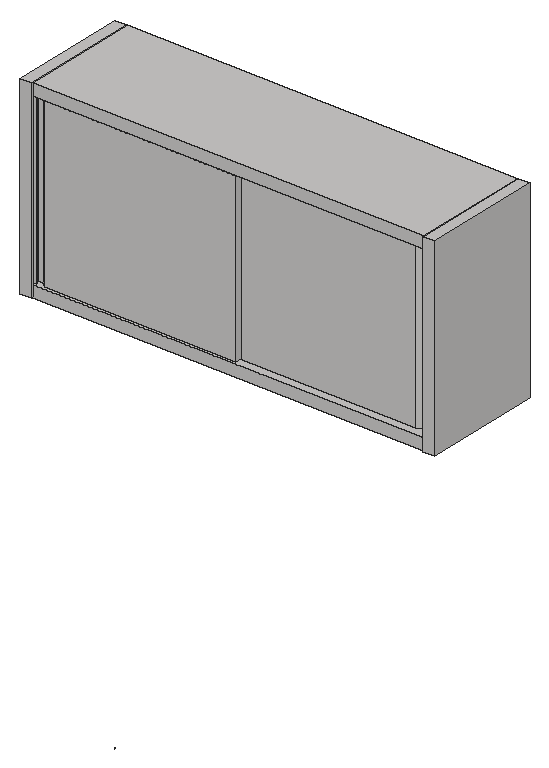
Revit family "QF_ZANUSSI_132923_SPS14LCN", category Attrezzature speciali, Revit 2020
Family settings
  Quota connettore circolare = Usa diametro
  Tipo di parte = Normale
  Basato su piano di lavoro = No
  Sempre verticale = No
  Taglio con vuoti quando caricato = No
  Condiviso = No
  Punto di calcolo locali = No
Parameters (values of type "Standard")
  Weight = 31.00 kg
  Watts = 0 W
  Volts = 0 V
  URL Manufacturer = "http://www.zanussiprofessional.com"
  URL = "http://www.zanussiprofessional.com"
  Steam Supply Size = 0 mm
  Steam Supply Minimum Pressure = 0.0 Pa
  Steam Supply Maximum Pressure = 0.0 Pa
  Steam Consumption per Hour = 0
  Refrigeration Suction Line Size = 0.0 mm
  Refrigeration Liquid Line Size = 0.0 mm
  Refrigerant Compressor Remote = yes
  Prospetto di default = 0.0 mm
  Phase = 0
  Modello = "SPS14LCN"
  Produttore = "Zanussi"
  Length Actual = 1400.0 mm  # constant formula
  Item Number = "132923"
  Hot Water Size = 0 mm
  Height Actual = 650.0 mm  # constant formula
  HP = "0 HP"
  Gas Size = 0 mm
  Gas KW = 0
  Gas Input Pressure = 0 W
  Direct Waste Size = 0 mm
  Descrizione = "WALL CUPBOARD W/2 SLIDING DOORS 1400MM"
  Depth Actual = 400.0 mm  # constant formula
  Cycle = 0 Hz
  Condensate Return Size = 0 mm
  Compressed Air Volume = 0.0 L/s
  Compressed Air Size = 0 mm
  Compressed Air Pressure = 0.0 Pa
  Cold Water Size = 0 mm
  Accessory = yes
Reference planes
  plane 1 "Center (Front/Back)": y = 0
  plane 2: z = 0
  plane 3 "Center (Left/Right)": x = -300
  plane 4 "LEFT": x = -1000
  plane 5 "RIGHT": x = 400
  plane 6 "BACK": y = 200
  plane 7 "FRONT": y = -200
  plane 8 "Base": z = 2200
  plane 9 "BASE": z = 1550
  plane 10: x = -960
  plane 11: x = 360
  plane 12: y = -197
  plane 13: y = 150
Forms (mm)
  Extrusion 1, solid, material "QF_Finishes_Stainless Steel"
    sketch origin (0, 0, 1550) x (-1, 0, 0) y (0, -1, 0)
      loop
        line (1000, -200) -> (1000, 200) -> (960, 200) -> (960, -200) -> (1000, -200)
      loop
        line (-360, -200) -> (-360, 200) -> (-400, 200) -> (-400, -200) -> (-360, -200)
    from 0 to 650
  Extrusion 2, solid, material "QF_Finishes_Stainless Steel"
    sketch origin (0, 0, 1550) x (-1, 0, 0) y (0, -1, 0)
      loop
        line (960, -150) -> (960, 197) -> (-360, 197) -> (-360, -150) -> (960, -150)
    from 0 to 40
  Extrusion 3, solid, material "QF_Finishes_Stainless Steel"
    sketch origin (0, 0, 0) x (1, 0, 0) y (0, 1, 0)
      loop
        line (-960, -197) -> (360, -197) -> (360, 200) -> (-960, 200) -> (-960, -197)
    from 2160 to 2200
  Extrusion 4, solid, material "QF_Finishes_Stainless Steel"
    sketch origin (0, 0, 1550) x (-1, 0, 0) y (0, -1, 0)
      loop
        line (960, -200) -> (960, -150) -> (-360, -150) -> (-360, -200) -> (960, -200)
    from 610 to 0
  Extrusion 5, solid, material "QF_Finishes_Stainless Steel"
    sketch origin (0, 0, 0) x (1, 0, 0) y (0, 1, 0)
      loop
        line (-273.481, -197) -> (-273.481, -177) -> (-957, -177) -> (-957, -197) -> (-947, -197) -> (-947, -194) -> (-954, -194) -> (-954, -182) -> (-937, -182) -> (-917, -197) -> (-273.481, -197)
    from 1597 to 2160
  Extrusion 6, solid, material "QF_Finishes_Stainless Steel"
    sketch origin (0, 0, 0) x (1, 0, 0) y (0, 1, 0)
      loop
        line (-326.5, -177) -> (317, -177) -> (337, -162) -> (354, -162) -> (354, -174) -> (347, -174) -> (347, -177) -> (357, -177) -> (357, -157) -> (-326.5, -157) -> (-326.5, -177)
    from 2160 to 1597
  Extrusion 7, solid, material "QF_Finishes_Stainless Steel"
    sketch origin (0, 0, 0) x (1, 0, 0) y (0, 1, 0)
      loop
        line (-1000, 200) -> (-1000, 199) -> (-999, 199) -> (-999, 200) -> (-1000, 200)
    from 0 to 1
Lines and regions (mm)
  symbolic lines, style "SpecialityEquipment"
    curve 1: line (400, 200, 0) -> (-1000, 200, 0)
    curve 2: line (400, -200, 0) -> (400, 200, 0)
    curve 3: line (-1000, -204.5, 0) -> (-1000, 200, 0)
    curve 4: line (-1000, -200, 0) -> (-962, -200, 0)
    curve 5: line (362, -200, 0) -> (400, -200, 0)
    curve 7: line (362, -197, 0) -> (-962, -197, 0)
    curve 12: line (-914.985, -211.008, 0) -> (-914.038, -209.239, 0)
  symbolic lines, style "SpecialityEquipmentHiddenLines"
    curve 6: line (362, -200, 0) -> (362, -197, 0)
    curve 8: line (-962, -197, 0) -> (-962, -200, 0)
    curve 9: line (360, -157, 0) -> (-326.5, -157, 0)
    curve 10: line (-326.5, -157, 0) -> (-326.5, -177, 0)
    curve 11: line (317, -177, 0) -> (-957, -177, 0)
    curve 13: line (-273.5, -177, 0) -> (-273.5, -197, 0)
    curve 14: line (-957, -177, 0) -> (-957, -182, 0)
    curve 15: line (-937, -182, 0) -> (-954, -182, 0)
  symbolic lines
    curve 16: line (-1000, 200, 0) -> (400, -200, 0)
    curve 17: line (400, 200, 0) -> (-1000, -200, 0)
    curve 18: line (-937, -182, 0) -> (-917, -197, 0)
    curve 19: line (-954, -182, 0) -> (-954, -194, 0)
    curve 20: line (-954, -194, 0) -> (-947, -194, 0)
    curve 21: line (-947, -194, 0) -> (-947, -197, 0)
    curve 22: line (357, -157, 0) -> (357, -177, 0)
    curve 23: line (357, -177, 0) -> (347, -177, 0)
    curve 24: line (347, -177, 0) -> (347, -174, 0)
    curve 25: line (347, -174, 0) -> (354, -174, 0)
    curve 26: line (354, -174, 0) -> (354, -162, 0)
    curve 27: line (354, -162, 0) -> (337, -162, 0)
    curve 28: line (317, -177, 0) -> (337, -162, 0)
Dimensions and locks
  plane 4 "LEFT" to plane 5 "RIGHT" = 1400.0 mm
  equal spacing: plane 4 "LEFT", plane 3 "Center (Left/Right)", plane 5 "RIGHT"
  plane 6 "BACK" to plane 7 "FRONT" = 400.0 mm
  equal spacing: plane 6 "BACK", plane 1 "Center (Front/Back)", plane 7 "FRONT"
  plane 9 "BASE" to level = 1550.0 mm
  locked: plane 4 "LEFT" to plane 10 at 40
  locked: plane 11 to plane 5 "RIGHT" at 40
  plane 12 to plane 7 "FRONT" = 3.0 mm
  plane 6 "BACK" to plane 13 = 50.0 mm
  locked: plane 8 "Base" to plane 9 "BASE" at 650
  aligned and locked: level to plane 2
  aligned and locked: plane 8 "Base" to Extrusion 1
  aligned and locked: plane 6 "BACK" to Extrusion 1 sketch curve
  aligned and locked: Extrusion 1 sketch curve to plane 6 "BACK"
  aligned and locked: plane 7 "FRONT" to Extrusion 1 sketch curve
  aligned and locked: Extrusion 1 sketch curve to plane 7 "FRONT"
  aligned and locked: plane 10 to Extrusion 1
  aligned and locked: Extrusion 1 to plane 11
  aligned and locked: Extrusion 2 to plane 10
  aligned and locked: plane 11 to Extrusion 2
  aligned and locked: plane 8 "Base" to Extrusion 3
  aligned and locked: Extrusion 2 to plane 12
  aligned and locked: Extrusion 2 to plane 13
  aligned and locked: Extrusion 3 to plane 12
  aligned and locked: plane 10 to Extrusion 4 sketch curve
  aligned and locked: Extrusion 4 sketch curve to plane 11
  aligned and locked: Extrusion 4 sketch curve to plane 6 "BACK"
  aligned and locked: Extrusion 4 sketch curve to plane 13
  aligned and locked: Extrusion 4 to Extrusion 3
  aligned and locked: Extrusion 4 to plane 9 "BASE"
  aligned and locked: plane 6 "BACK" to Extrusion 3
Automatic sketch dimensions
  Extrusion 1 sketch curve to plane 5 "RIGHT" = 0.0 mm
  Extrusion 1 sketch curve to plane 11 = 0.0 mm
  Extrusion 1 sketch curve to plane 10 = 0.0 mm
  Extrusion 1 sketch curve to plane 4 "LEFT" = 0.0 mm
  Extrusion 2 sketch curve to plane 11 = 0.0 mm
  Extrusion 2 sketch curve to plane 10 = 0.0 mm
  plane 13 to Extrusion 2 sketch curve = 0.0 mm
  Extrusion 2 sketch curve to plane 12 = 0.0 mm
  Extrusion 3 sketch curve to plane 6 "BACK" = 0.0 mm
  Extrusion 3 sketch curve to plane 10 = 0.0 mm
  Extrusion 3 sketch curve to plane 11 = 0.0 mm
  Extrusion 3 sketch curve to plane 12 = 0.0 mm
  Extrusion 5 sketch curve to plane 12 = 0.0 mm  (x2)
  plane 10 to Extrusion 5 sketch curve = 3.0 mm
  Extrusion 5 sketch curve to Extrusion 5 sketch curve = 3.0 mm
  Extrusion 5 sketch curve to Extrusion 5 sketch curve = 7.0 mm
  Extrusion 5 sketch curve to Extrusion 5 sketch curve = 10.0 mm
  plane 3 "Center (Left/Right)" to Extrusion 5 sketch curve = 26.519 mm
  plane 12 to Extrusion 5 sketch curve = 3.0 mm
  Extrusion 5 sketch curve to Extrusion 5 sketch curve = 12.0 mm
  Extrusion 5 sketch curve to Extrusion 5 sketch curve = 20.0 mm  (x2)
  Extrusion 5 sketch curve to Extrusion 5 sketch curve = 0.0 mm
  Extrusion 6 sketch curve to plane 3 "Center (Left/Right)" = 26.5 mm
  plane 12 to Extrusion 6 sketch curve = 20.0 mm  (x2)
  Extrusion 6 sketch curve to plane 11 = 43.0 mm
  Extrusion 6 sketch curve to plane 11 = 23.0 mm
  Extrusion 6 sketch curve to plane 11 = 13.0 mm
  Extrusion 6 sketch curve to plane 11 = 6.0 mm
  Extrusion 6 sketch curve to plane 11 = 3.0 mm
  Extrusion 6 sketch curve to Extrusion 6 sketch curve = 3.0 mm
  Extrusion 6 sketch curve to Extrusion 6 sketch curve = 12.0 mm
  Extrusion 6 sketch curve to Extrusion 6 sketch curve = 20.0 mm
  curve 1 to plane 4 "LEFT" = 0.0 mm
  curve 4 to plane 7 "FRONT" = 0.0 mm
  curve 9 to plane 11 = 0.0 mm
  curve 6 to plane 12 = 0.0 mm
  curve 2 to plane 5 "RIGHT" = 0.0 mm
  curve 16 to plane 7 "FRONT" = 0.0 mm
  curve 17 to plane 7 "FRONT" = 0.0 mm
  curve 17 to plane 6 "BACK" = 0.0 mm
  curve 8 to plane 10 = 2.0 mm
  plane 10 to curve 11 = 3.0 mm
  plane 10 to curve 19 = 6.0 mm
  plane 12 to curve 20 = 3.0 mm
  curve 19 to curve 20 = 7.0 mm
  curve 20 to curve 15 = 10.0 mm
  curve 18 to curve 15 = 0.0 mm
  curve 15 to curve 18 = 20.0 mm
  curve 12 to plane 7 "FRONT" = 11.008 mm
  curve 18 to curve 12 = 2.015 mm
  curve 12 to plane 7 "FRONT" = 9.239 mm
  curve 12 to curve 12 = 0.948 mm
  curve 10 to plane 3 "Center (Left/Right)" = 26.5 mm
  plane 3 "Center (Left/Right)" to curve 13 = 26.5 mm
  curve 28 to plane 11 = 43.0 mm
  curve 28 to plane 11 = 23.0 mm
  curve 24 to plane 11 = 13.0 mm
  curve 25 to plane 11 = 6.0 mm
  curve 22 to curve 9 = 3.0 mm
  plane 11 to curve 5 = 2.0 mm
  curve 3 to curve 17 = 4.5 mm
  curve 14 to curve 15 = 0.0 mm
  plane 12 to curve 23 = 20.0 mm
  curve 14 to curve 14 = 5.0 mm
  curve 23 to curve 24 = 3.0 mm
  curve 25 to curve 27 = 12.0 mm
  curve 26 to curve 22 = 5.0 mm
  Extrusion 7 sketch curve to plane 4 "LEFT" = 0.0 mm
  Extrusion 7 sketch curve to plane 6 "BACK" = 0.0 mm
  plane 4 "LEFT" to Extrusion 7 sketch curve = 1.0 mm
  Extrusion 7 sketch curve to Extrusion 7 sketch curve = 1.0 mm
